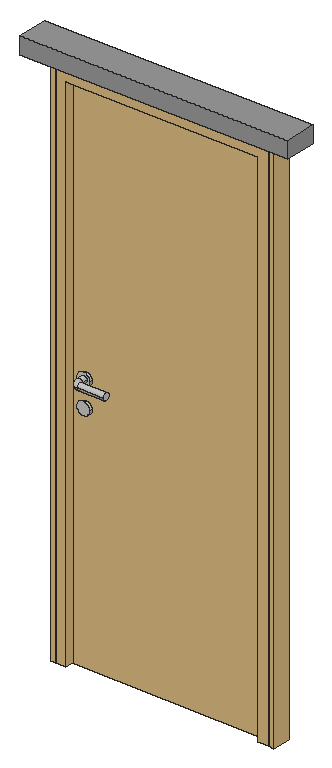
Revit family "BRU_Дверь_Однопольная_Деревянная_Межкомнатная", category Двери, Revit 2021
Family settings
  Основа = Стена
  Номер OmniClass = 23.30.10.00
  Заголовок OmniClass = Doors
  Всегда вертикально = Да
  При загрузке вырезать с полостями = Нет
  Общий = Нет
  Точка принадлежности помещению = Нет
Parameters (values of type "860х2080h Л")
  Функция = Наружные слои
  Угол плане 30 [instance] = yes
  Тип полотна двери = АС-Полотно : Глухое
  Тип перемычки [instance] = Перемычка_жб : ЯПР
  Ручка двери = ADSK_Металл_Сталь нержавеющая
  Рама двери_Ширина справа = 50 mm
  Рама двери_Ширина слева = 50 mm
  Рама двери_Ширина внизу = 50 mm
  Рама двери_Ширина вверху = 50 mm
  Рама двери = ADSK_Древесина_Брус
  Полотно_Ширина = Rough Width - Коробка_Ширина * 2  # 760 mm
  Полотно_Высота = Rough Height - Коробка_Ширина  # 2030 mm
  Перемычка [instance] = no
  Откосы_Ширина [instance] = 30 mm
  ОтделкаЧерновая_Углы [instance] = Width + Height * 2  # 5020 mm
  ОтделкаЧерновая_Площадь [instance] = ADSK_Толщина стены * (Width + Height * 2)  # 0.502 m²
  Определить тепловые свойства по = Тип схем
  ADSK_Толщина стены [instance] = 100 mm
  ADSK_Обозначение = "ГОСТ 6629-88"  # constant formula
  Наличник двери = ADSK_Древесина_Брус
  Аналитическая конструкция = "<Нет>"
  ADSK_Этаж [instance] = ""
  ADSK_Примечание [instance] = ""
  ADSK_Позиция [instance] = ""
  ADSK_Наименование = "ДГ 21-9 Л"
  Монтажный зазор_Сверху толщина [instance] = 20 mm
  Коробка_Ширина = 30 mm
  Коробка_Толщина = 70 mm
  Правая = no
  Полотно двери = ADSK_Древесина_Брус
  Остекление двери = none
  Наличник_Ширина [instance] = 60 mm
  Наличник_Толщина [instance] = 10 mm
  Наличник снаружи [instance] = no
  Наличник внутри [instance] = no
  Монтажный зазор_Сбоку толщина [instance] = 20 mm
  Вставка_Глубина [instance] = 0 mm
  Левая = not(Правая)  # yes
  Инструкция по семейству [instance] = ""
  Огибание наружных слоев [instance] = 0 mm
  Width [instance] = Rough Width + Монтажный зазор_Сбоку толщина * 2  # 860 mm
  Thickness = 40 mm
  Rough Width = 820 mm
  Rough Height = 2060 mm
  Группа модели = "Дверь глухая без порога"
  Manufacturer = ""
  Wall Closure = (empty or 0)
  Height [instance] = Rough Height + Монтажный зазор_Сверху толщина  # 2080 mm
  Описание = "Дверь деревянная внутренняя глухая"
  Тип конструкций = "Дверь деревянная"
  ADSK_Предел огнестойкости = "-"
  ADSK_Открывание = if(Правая, "Правая", "Левая")  # "Левая"
  ADSK_Наименование краткое = ""
  ADSK_Масса_Текст = ""
  ADSK_Количество [instance] = 0
  ADSK_Код изделия = ""
  ADSK_Зона [instance] = ""
  ADSK_Завод-изготовитель = ""
  ADSK_Единица измерения = ""
  ADSK_Группирование [instance] = ""
  ADSK_URL страницы изделия = ""
  ADSK_URL документации изделия = ""
Types (6, lengths in mm): name | Полотно_Ширина | Полотно_Высота | ОтделкаЧерновая_Углы | ОтделкаЧерновая_Площадь | ADSK_Наименование | Правая | Левая | Width | Rough Width | Rough Height | Height | ADSK_Открывание
  860х2080h Л | 760 | 2030 | 5020 | 0.502 m² | "ДГ 21-9 Л" | no | yes | 860 | 820 | 2060 | 2080 | "Левая"
  860х2080h | 800 | 2050 | 5100 | 0.51 m² | "ДГ 21-9" | yes | no | 900 | 860 | 2080 | 2100 | "Правая"
  760х2080h | 700 | 2050 | 5000 | 0.50 m² | "ДГ 21-8" | no | yes | 800 | 760 | 2080 | 2100 | "Левая"
  860х2080h П | 800 | 2050 | 5100 | 0.51 m² | "ДГ 21-9 Л" | yes | no | 900 | 860 | 2080 | 2100 | "Правая"
  760х2080h П | 700 | 2050 | 5000 | 0.50 m² | "ДГ 21-8 Л" | yes | no | 800 | 760 | 2080 | 2100 | "Правая"
  760х2400h Л | 700 | 2370 | 5640 | 0.564 m² | "ДГ 21-8 Л" | no | yes | 800 | 760 | 2400 | 2420 | "Левая"
Reference planes
  plane 1: y = 0
  plane 2 "По центру (Влево/Вправо)": x = 0
  plane 3 "Слева": x = -430
  plane 4 "Справа": x = 430
  plane 5: z = 2080
  plane 6 "Наружный": y = 50
  plane 7 "Внутренние": y = -50
  plane 8 "Вставка двери": y = 50
  plane 9 "Четверть сверху": z = 1930
  plane 10 "Полотно двери": y = 10
  plane 11 "Рама внутри": y = -20
  plane 12 "Монтажный зазор слева": x = -410
  plane 13 "Монтажный зазор справа": x = 410
  plane 14 "Монтажный зазор сверху": z = 2060
  plane 15 "Глубина огибания наружного слоя": y = 50
  plane 16: y = 60
  plane 17: y = -60
  plane 18: x = -380
  plane 19: x = 380
  plane 20: z = 1015
  plane 21 "Верх полотна": z = 2030
Forms (mm)
  Sweep 1, solid, material "ADSK_Древесина_Брус" <- "Наличник двери", visible <- "Наличник снаружи", detail levels fine
    path origin (0, 50, 0) x (1, 0, 0) y (0, 0, 1)
      loop
        line (-430, 0) -> (-430, 2080) -> (430, 2080) -> (430, 0)
    profile origin (-430, 50, 1040) x (-1, 0, 0) y (0, -1, 0)
      loop
        line (-20, 0) -> (-20, -5)
        arc (-20, -5) -> (-18.536, -8.536) -> (-15, -10) r 5
        line (-15, -10) -> (35, -10)
        arc (35, -10) -> (38.536, -8.536) -> (40, -5) r 5
        line (40, -5) -> (40, 0) -> (-20, 0)
  Sweep 2, solid, material "ADSK_Древесина_Брус" <- "Наличник двери", visible <- "Наличник внутри", detail levels fine
    path origin (0, -50, 0) x (1, 0, 0) y (0, 0, 1)
      loop
        line (-430, 0) -> (-430, 2080) -> (430, 2080) -> (430, 0)
    profile origin (-430, -50, 1040) x (-1, 0, 0) y (0, -1, 0)
      loop
        line (-20, 0) -> (40, 0) -> (40, 5)
        arc (40, 5) -> (38.536, 8.536) -> (35, 10) r 5
        line (35, 10) -> (-15, 10)
        arc (-15, 10) -> (-18.536, 8.536) -> (-20, 5) r 5
        line (-20, 5) -> (-20, 0)
  Sweep 3, solid, material "ADSK_Древесина_Брус" <- "Рама двери", detail levels medium+fine
    path origin (0, 50, 0) x (-1, 0, 0) y (0, 0, 1)
      loop
        line (410, 0) -> (410, 2060) -> (-410, 2060) -> (-410, 0)
    profile origin (410, 50, 1030) x (0, 1, 0) y (-1, 0, 0)
      loop
        line (0, 0) -> (0, 30) -> (-40, 30) -> (-40, 40) -> (-70, 40) -> (-70, 0) -> (0, 0)
  Sweep 4, solid, material "ADSK_Древесина_Брус" <- "Наличник двери", visible <- "Наличник внутри", detail levels fine
    path origin (0, -20, 0) x (-1, 0, 0) y (0, 0, 1)
      loop
        line (430, 0) -> (430, 2080) -> (-430, 2080) -> (-430, 0)
    profile origin (-430, -20, 1040) x (1, 0, 0) y (0, 1, 0)
      loop
        line (0, -35) -> (20, -35) -> (20, 0) -> (0, 0) -> (0, -35)
  Sweep 5, solid, material "ADSK_Древесина_Брус" <- "Наличник двери", visible <- "Наличник снаружи", detail levels fine
    path origin (0, 50, 0) x (-1, 0, 0) y (0, 0, 1)
      loop
        line (430, 0) -> (430, 2080) -> (-430, 2080) -> (-430, 0)
    profile origin (430, 50, 1040) x (0, 1, 0) y (-1, 0, 0)
      loop
        line (5, 0) -> (5, 20) -> (0, 20) -> (0, 0) -> (5, 0)
  Extrusion 6, solid, material "ADSK_Древесина_Брус" <- "Рама двери", detail levels medium+fine
    sketch origin (-2514.822, 50, 1200) x (-1, 0, 0) y (0, 0, 1)
      loop
        line (-2944.822, 880) -> (-2944.822, -1200) -> (-2924.822, -1200) -> (-2924.822, 860) -> (-2104.822, 860) -> (-2104.822, -1200) -> (-2084.822, -1200) -> (-2084.822, 880) -> (-2944.822, 880)
    from 0 to -70
  Extrusion 7, solid, material "ADSK_Древесина_Брус" <- "Полотно двери", detail levels coarse
    sketch origin (0, 0, 0) x (1, 0, 0) y (0, 1, 0)
      loop
        line (-430, 50) -> (-430, -20) -> (430, -20) -> (430, 50) -> (-430, 50)
    from 0 to 2080
Cuts and joins
  joined: Sweep 2, Sweep 4
  joined: Sweep 1, Sweep 5
Lines and regions (mm)
  Masking region 1, detail levels fine
    outline origin (0, 0, 0) x (0, 1, 0) y (0, 0, 1)
      loop
        line (-20, 2020) -> (10, 2020) -> (10, 2030) -> (50, 2030) -> (50, 2060) -> (-20, 2060) -> (-20, 2020)
  Masking region 2, detail levels fine
    outline origin (0, 0, 0) x (0, 1, 0) y (0, 0, 1)
      loop
        line (50, 2060) -> (50, 2080) -> (-20, 2080) -> (-20, 2060) -> (50, 2060)
  Masking region 3, detail levels fine
    outline origin (0, 0, 0) x (0, 1, 0) y (0, 0, 1)
      loop
        line (50, 0) -> (50, 2030) -> (10, 2030) -> (10, 0) -> (50, 0)
  Masking region 4, detail levels fine
    outline origin (0, 0, 0) x (0, 1, 0) y (0, 0, 1)
      loop
        line (-20, 2020) -> (-20, 0) -> (10, 0) -> (10, 2020) -> (-20, 2020)
  Masking region 5, detail levels coarse+medium
    outline origin (0, 0, 0) x (0, 1, 0) y (0, 0, 1)
      loop
        line (50, 0) -> (50, 2080) -> (-20, 2080) -> (-20, 0) -> (50, 0)
  Opening 1
    outline origin (-5000, -50, 0) x (1, 0, 0) y (0, 0, 1)
      loop
        line (5430, 2080) -> (4570, 2080) -> (4570, 0) -> (5430, 0) -> (5430, 2080)
  symbolic lines, style "Открывание", visible <- "Правая", detail levels medium
    curve 1: line (-380, 50, 0) -> (380, 50, 1015)
    curve 2: line (380, 50, 1015) -> (-380, 50, 2030)
  symbolic lines, style "Открывание", visible <- "Левая", detail levels medium
    curve 3: line (380, 50, 0) -> (-380, 50, 1015)
    curve 4: line (-380, 50, 1015) -> (380, 50, 2030)
Text (mm)
  text "Наружный" at (-2295.016, 1099.543, 0), in view "Опорный уровень "
  text "Наружный" at (0, 1615.38, 3698.081), in view "Слева"
  text "Наружный" at (0, 1036.032, 3874.932), in view "Справа"
Dimensions and locks
  equal spacing: plane 12 "Монтажный зазор слева", plane 2 "По центру (Влево/Вправо)", plane 13 "Монтажный зазор справа"
  "Width": plane 3 "Слева" to plane 4 "Справа"
  "Rough Height": host wall to plane 14 "Монтажный зазор сверху"
  "Height": host wall to plane 5
  locked: plane 6 "Наружный" to host wall
  locked: plane 7 "Внутренние" to host wall
  plane 9 "Четверть сверху" to plane 5 = 150 mm
  "Вставка_Глубина": plane 6 "Наружный" to plane 8 "Вставка двери"
  "Коробка_Толщина": plane 8 "Вставка двери" to plane 11 "Рама внутри"
  "Thickness": plane 8 "Вставка двери" to plane 10 "Полотно двери"
  "Огибание наружных слоев": plane 6 "Наружный" to plane 15 "Глубина огибания наружного слоя"
  "Наличник_Ширина": Sweep 2 sketch curve to Sweep 2 sketch curve
  locked: Sweep 2 sketch curve to Sweep 2 sketch curve at 5  (x4)
  locked: Sweep 1 sketch curve to Sweep 1 sketch curve at 5
  "Коробка_Ширина": Sweep 3 sketch curve to profile plane
  locked: Sweep 3 sketch curve to Sweep 3 sketch curve at 10
  locked: Sweep 4 sketch curve to plane 17 at 5
  "Наличник_Толщина": plane 7 "Внутренние" to plane 17
  "Наличник_Толщина": plane 16 to plane 6 "Наружный"
  locked: plane 16 to Sweep 1 sketch curve at 5  (x2)
  locked: plane 16 to Sweep 5 sketch curve at 5
  "Откосы_Ширина": plane 7 "Внутренние" to plane 11 "Рама внутри"
  equal spacing: plane 3 "Слева", plane 2 "По центру (Влево/Вправо)", plane 4 "Справа"
  "Rough Width": plane 12 "Монтажный зазор слева" to plane 13 "Монтажный зазор справа"
  "Коробка_Ширина": plane 12 "Монтажный зазор слева" to plane 18
  "Коробка_Ширина": plane 19 to plane 13 "Монтажный зазор справа"
  equal spacing: level, plane 20, plane 21 "Верх полотна"
  "Коробка_Ширина": plane 21 "Верх полотна" to plane 14 "Монтажный зазор сверху"
  "Наличник_Ширина": Sweep 1 sketch curve to plane 12 "Монтажный зазор слева"
  locked: Sweep 1 sketch curve to plane 12 "Монтажный зазор слева" at 5
  "ADSK_Толщина стены": host wall to host wall
  aligned and locked: plane 1 to host wall
  aligned and locked: Sweep 2 sketch curve to plane 3 "Слева"
  aligned and locked: Sweep 2 sketch curve to plane 5
  aligned and locked: Sweep 2 sketch curve to plane 4 "Справа"
  aligned and locked: level to Sweep 2 sketch curve  (x2)
  aligned and locked: Sweep 2 sketch curve to plane 7 "Внутренние"
  aligned and locked: Sweep 3 sketch curve to plane 13 "Монтажный зазор справа"
  aligned and locked: Sweep 3 sketch curve to plane 14 "Монтажный зазор сверху"
  aligned and locked: Sweep 3 sketch curve to plane 12 "Монтажный зазор слева"
  aligned and locked: level to Sweep 3 sketch curve  (x2)
  aligned and locked: profile plane to Sweep 3 sketch curve
  aligned and locked: plane 11 "Рама внутри" to Sweep 3 sketch curve
  aligned and locked: plane 8 "Вставка двери" to Sweep 3 sketch curve
  aligned and locked: plane 10 "Полотно двери" to Sweep 3 sketch curve
  aligned and locked: Sweep 2 sketch curve to plane 12 "Монтажный зазор слева"
  aligned and locked: plane 3 "Слева" to Sweep 4 sketch curve
  aligned and locked: plane 5 to Sweep 4 sketch curve
  aligned and locked: plane 4 "Справа" to Sweep 4 sketch curve
  aligned and locked: level to Sweep 4 sketch curve  (x2)
  aligned and locked: Sweep 4 sketch curve to plane 3 "Слева"
  aligned and locked: Sweep 4 sketch curve to plane 12 "Монтажный зазор слева"
  aligned and locked: Sweep 4 sketch curve to plane 11 "Рама внутри"
  aligned and locked: profile plane to Sweep 1 sketch curve
  aligned and locked: level to Sweep 5 sketch curve  (x2)
  aligned and locked: plane 8 "Вставка двери" to Sweep 5 sketch curve
  aligned and locked: plane 17 to Sweep 2 sketch curve
  aligned and locked: plane 16 to Sweep 1 sketch curve
  aligned and locked: Masking region 1 sketch curve to Sweep 3  (x2)
  aligned and locked: plane 10 "Полотно двери" to Masking region 1 sketch curve
  aligned and locked: plane 11 "Рама внутри" to Masking region 1 sketch curve
  aligned and locked: plane 8 "Вставка двери" to Masking region 1 sketch curve
  aligned and locked: plane 14 "Монтажный зазор сверху" to Masking region 1 sketch curve
  aligned and locked: plane 8 "Вставка двери" to Masking region 2 sketch curve
  aligned and locked: plane 11 "Рама внутри" to Masking region 2 sketch curve
  aligned and locked: plane 14 "Монтажный зазор сверху" to Masking region 2 sketch curve
  aligned and locked: plane 5 to Masking region 2 sketch curve
  aligned and locked: plane 8 "Вставка двери" to Masking region 3 sketch curve
  aligned and locked: plane 10 "Полотно двери" to Masking region 3 sketch curve
  aligned and locked: level to Masking region 3 sketch curve
  aligned and locked: Masking region 3 sketch curve to Sweep 3
  aligned and locked: Masking region 4 sketch curve to Sweep 3
  aligned and locked: plane 11 "Рама внутри" to Masking region 4 sketch curve
  aligned and locked: plane 10 "Полотно двери" to Masking region 4 sketch curve
  aligned and locked: level to Masking region 4 sketch curve
  aligned and locked: plane 8 "Вставка двери" to Masking region 5 sketch curve
  aligned and locked: plane 11 "Рама внутри" to Masking region 5 sketch curve
  aligned and locked: plane 5 to Masking region 5 sketch curve
  aligned and locked: level to Masking region 5 sketch curve
  aligned and locked: Extrusion 6 sketch curve to plane 4 "Справа"
  aligned and locked: Extrusion 6 sketch curve to plane 3 "Слева"
  aligned and locked: Extrusion 6 sketch curve to plane 5
  aligned and locked: Extrusion 6 sketch curve to plane 14 "Монтажный зазор сверху"
  aligned and locked: Extrusion 6 sketch curve to plane 12 "Монтажный зазор слева"
  aligned and locked: Extrusion 6 sketch curve to plane 13 "Монтажный зазор справа"
  aligned and locked: Extrusion 6 sketch curve to level
  aligned and locked: Extrusion 6 to plane 11 "Рама внутри"
  aligned and locked: plane 8 "Вставка двери" to Extrusion 6
  aligned and locked: nested 1 to plane 8 "Вставка двери"
  aligned and locked: nested 1 to plane 3 "Слева"
  aligned and locked: nested 1 to plane 4 "Справа"
  aligned and locked: nested 2 to plane 4 "Справа"
  aligned and locked: nested 2 to plane 3 "Слева"
  aligned and locked: plane 8 "Вставка двери" to nested 2
  aligned and locked: nested 3 to plane 8 "Вставка двери"
  aligned and locked: nested 3 to plane 18
  aligned and locked: nested 3 to plane 19
  aligned and locked: nested 4 to plane 8 "Вставка двери"
  aligned and locked: nested 4 to plane 18
  aligned and locked: plane 8 "Вставка двери" to nested 5
  aligned and locked: nested 5 to plane 19
  aligned and locked: Extrusion 7 sketch curve to plane 8 "Вставка двери"
  aligned and locked: Extrusion 7 sketch curve to plane 11 "Рама внутри"
  aligned and locked: Extrusion 7 sketch curve to plane 4 "Справа"
  aligned and locked: Extrusion 7 sketch curve to plane 3 "Слева"
  aligned and locked: Extrusion 7 to level
  aligned and locked: Extrusion 7 to plane 5
  aligned and locked: curve 3 to Sweep 3
  aligned and locked: Sweep 3 to curve 1
  aligned and locked: plane 21 "Верх полотна" to curve 2
  aligned and locked: plane 21 "Верх полотна" to curve 4
  aligned and locked: plane 20 to curve 2
  aligned and locked: plane 20 to curve 4
  aligned and locked: level to curve 1
  aligned and locked: level to curve 3
  aligned and locked: plane 18 to curve 2
  aligned and locked: plane 19 to curve 4
  aligned and locked: plane 19 to curve 2
  aligned and locked: plane 18 to curve 4
  aligned and locked: plane 3 "Слева" to Sweep 1 sketch curve
  aligned and locked: plane 4 "Справа" to Sweep 1 sketch curve
  aligned and locked: plane 5 to Sweep 1 sketch curve
  aligned and locked: Sweep 1 sketch curve to plane 12 "Монтажный зазор слева"
  aligned and locked: Sweep 5 sketch curve to plane 3 "Слева"
  aligned and locked: Sweep 5 sketch curve to plane 4 "Справа"
  aligned and locked: plane 5 to Sweep 5 sketch curve
  aligned and locked: plane 4 "Справа" to Sweep 5 sketch curve
  aligned and locked: Sweep 5 sketch curve to plane 13 "Монтажный зазор справа"
  aligned and locked: plane 4 "Справа" to Opening 1 sketch curve
  aligned and locked: plane 3 "Слева" to Opening 1 sketch curve
  aligned and locked: plane 5 to Opening 1 sketch curve
  aligned and locked: level to Opening 1 sketch curve
  aligned and locked: plane 2 "По центру (Влево/Вправо)" to nested 6
  aligned and locked: plane 1 to nested 6
  aligned and locked: nested 6 to plane 1
Automatic sketch dimensions
  Sweep 1 sketch curve to level = 0 mm  (x2)
  Extrusion 6 sketch curve to level = 0 mm
Nested families
  nested 1: "АС-Однопольная-Обозначение на плане" at (0, 50, 0), Height <- "Height", Rough Width <- "Rough Width", Thickness <- "Thickness", Коробка.Толщина <- "Коробка_Толщина", Полотно.Ширина <- "Полотно_Ширина", visible <- "Левая", Width <- "Width", type "АС-Стандарт", detail levels medium+fine
    with Полотно.Ширина 760 mm, Коробка.Толщина 70 mm, Width 860 mm, Thickness 40 mm, Rough Width 820 mm, Height 2080 mm
  nested 2: "АС-Однопольная-Обозначение на плане" at (0, 50, 0) x (-1, 0, 0) z (0, 0, 1), Height <- "Height", Rough Width <- "Rough Width", Thickness <- "Thickness", Коробка.Толщина <- "Коробка_Толщина", Полотно.Ширина <- "Полотно_Ширина", visible <- "Правая", Width <- "Width", type "АС-Стандарт", detail levels medium+fine
    with Полотно.Ширина 760 mm, Коробка.Толщина 70 mm, Width 860 mm, Thickness 40 mm, Rough Width 820 mm, Height 2080 mm
  nested 3: "АС-Полотно" at (0, 50, 0), Рама.Ширина справа <- "Рама двери_Ширина справа", Рама.Ширина слева <- "Рама двери_Ширина слева", Рама.Ширина внизу <- "Рама двери_Ширина внизу", Рама.Ширина вверху <- "Рама двери_Ширина вверху", Полотно двери.Толщина <- "Thickness", Полотно двери.Высота <- "Полотно_Высота", Полотно двери.Ширина <- "Полотно_Ширина", type <- "Тип полотна двери", Фурнитура <- "Ручка двери", Полотно двери <- "Полотно двери", Остекление двери <- "Остекление двери", type "Глухое"
    with Фурнитура ADSK_Металл_Сталь нержавеющая, Рама.Ширина справа 50 mm, Рама.Ширина слева 50 mm, Рама.Ширина внизу 50 mm, Рама.Ширина вверху 50 mm, Полотно двери.Ширина 760 mm, Полотно двери.Толщина 40 mm, Полотно двери.Высота 2030 mm, Полотно двери ADSK_Древесина_Брус, Остекление двери none
  nested 4: "АС-Ручка двери" at (-380, 50, 0), Полотно двери.Толщина <- "Thickness", visible <- "Левая", Ручка двери <- "Ручка двери", type "АС-Стандарт"
    with Ручка двери ADSK_Металл_Сталь нержавеющая, Полотно двери.Толщина 40 mm, Отступ ручки от края 60 mm
  nested 5: "АС-Ручка двери" at (380, 50, 0) x (-1, 0, 0) z (0, 0, 1), Полотно двери.Толщина <- "Thickness", visible <- "Правая", Ручка двери <- "Ручка двери", type "АС-Стандарт"
    with Ручка двери ADSK_Металл_Сталь нержавеющая, Полотно двери.Толщина 40 mm, Отступ ручки от края 60 mm
  nested 6: "Перемычка_жб" at (0, 0, 2080), built-in parameter 1001364 <- "Height", Высота <- "Height", Толщина стены <- "Коробка_Толщина", type <- "Тип перемычки", visible <- "Перемычка", type "ЯПР"
    with Эл2_Р_Четв 0 mm, Эл1_Р_Четв 0 mm, Четверть 0 mm, Толщина стены 70 mm, Р_Отступ 0 mm, Высота 2080 mm, Эл2_Вид no, Эл1_Четверть no, Р_Отст1 1 mm, Р_Кол 1, Отступ 0 mm, Количество элементов 1
  nested 7: "Ж.б_перемычка" at (0, 0, 2080), type "1ПБ 10-1"
    with Повернуть yes, Материал несущих конструкций Перемычка_бетон
Definition of nested family "АС-Полотно"
  Parameters
    Фурнитура [instance] = none
    Рама.Ширина справа [instance] = 50 mm
    Рама.Ширина слева [instance] = 50 mm
    Рама.Ширина внизу [instance] = 50 mm
    Рама.Ширина вверху [instance] = 50 mm
    Остекленное = not(Глухое)  # no
    Полотно двери.Ширина [instance] = 1000 mm
    Полотно двери.Толщина [instance] = 40 mm
    Полотно двери.Высота [instance] = 2100 mm
    Полотно двери [instance] = none
    Глухое = yes
    Остекление двери [instance] = none
    Default Elevation = 0 mm
  Reference planes
    plane 1 "Center (Front/Back)": y = 0
    plane 2: z = 0
    plane 3 "Center (Left/Right)": x = 0
    plane 4: x = -500
    plane 5: x = 500
    plane 6 "Back": y = -40
    plane 7: z = 2100
    plane 8 "Остекление снаружи": y = -8
    plane 9 "Остекление внутри": y = -32
    plane 10 "Ширина рамы справа": x = -450
    plane 11 "Ширина рамы слева": x = 450
    plane 12 "Ширина рамы внизу": z = 50
    plane 13 "Ширина рамы вверху": z = 2050
  Forms (mm)
    Extrusion 1, solid, material <- "Полотно двери", visible <- "Глухое", detail levels medium+fine
      sketch origin (0, 0, 0) x (1, 0, 0) y (0, 0, 1)
        loop
          line (-500, 2100) -> (-500, 0) -> (500, 0) -> (500, 2100) -> (-500, 2100)
      from 0 to 40 <- "Полотно двери.Толщина"
    Extrusion 2, solid, material <- "Полотно двери", visible <- "Остекленное", detail levels medium+fine
      sketch origin (0, 0, 0) x (1, 0, 0) y (0, 0, 1)
        loop
          line (-500, 2100) -> (-500, 0) -> (500, 0) -> (500, 2100) -> (-500, 2100)
        loop
          line (-450, 50) -> (450, 50) -> (450, 2050) -> (-450, 2050) -> (-450, 50)
      from 0 to 40
    Extrusion 3, solid, material <- "Остекление двери", visible <- "Остекленное", detail levels medium+fine
      sketch origin (-646.608, -8, 1200) x (-1, 0, 0) y (0, 0, 1)
        loop
          line (-196.608, 850) -> (-1096.608, 850) -> (-1096.608, -1150) -> (-196.608, -1150) -> (-196.608, 850)
      from 0 to -24
  Dimensions and locks
    "Полотно двери.Толщина": plane 1 "Center (Front/Back)" to plane 6 "Back"
    equal spacing: plane 4, plane 3 "Center (Left/Right)", plane 5
    "Полотно двери.Ширина": plane 4 to plane 5
    "Полотно двери.Высота": plane 7 to plane 2
    locked: plane 9 "Остекление внутри" to plane 6 "Back" at 8
    locked: plane 1 "Center (Front/Back)" to plane 8 "Остекление снаружи" at 8
    "Рама.Ширина вверху": plane 7 to plane 13 "Ширина рамы вверху"
    "Рама.Ширина внизу": plane 12 "Ширина рамы внизу" to plane 2
    "Рама.Ширина справа": plane 5 to plane 11 "Ширина рамы слева"
    "Рама.Ширина слева": plane 10 "Ширина рамы справа" to plane 4
    plane 7 to plane 2 = 2100 mm
    aligned and locked: level to plane 2
    aligned and locked: Extrusion 1 sketch curve to plane 7
    aligned and locked: plane 4 to Extrusion 1 sketch curve
    aligned and locked: plane 2 to Extrusion 1 sketch curve
    aligned and locked: Extrusion 1 sketch curve to plane 5
    aligned and locked: Extrusion 1 to plane 1 "Center (Front/Back)"
    aligned and locked: Extrusion 1 to plane 6 "Back"
    aligned and locked: Extrusion 2 sketch curve to plane 4
    aligned and locked: Extrusion 2 sketch curve to plane 5
    aligned and locked: Extrusion 2 sketch curve to plane 7
    aligned and locked: Extrusion 2 sketch curve to plane 2
    aligned and locked: Extrusion 2 sketch curve to plane 12 "Ширина рамы внизу"
    aligned and locked: Extrusion 2 sketch curve to plane 10 "Ширина рамы справа"
    aligned and locked: Extrusion 2 sketch curve to plane 11 "Ширина рамы слева"
    aligned and locked: Extrusion 2 sketch curve to plane 13 "Ширина рамы вверху"
    aligned and locked: Extrusion 2 to plane 1 "Center (Front/Back)"
    aligned and locked: Extrusion 2 to plane 6 "Back"
    aligned and locked: plane 10 "Ширина рамы справа" to Extrusion 3 sketch curve
    aligned and locked: plane 11 "Ширина рамы слева" to Extrusion 3 sketch curve
    aligned and locked: plane 13 "Ширина рамы вверху" to Extrusion 3 sketch curve
    aligned and locked: plane 12 "Ширина рамы внизу" to Extrusion 3 sketch curve
    aligned and locked: Extrusion 3 to plane 8 "Остекление снаружи"
    aligned and locked: Extrusion 3 to plane 9 "Остекление внутри"
    aligned and locked: plane 7 to Extrusion 2
    aligned and locked: plane 4 to Extrusion 2
Definition of nested family "АС-Ручка двери"
  Parameters
    Ручка двери [instance] = none
    Полотно двери.Толщина [instance] = 40 mm
    Отступ ручки от края = 100 mm
    Высота расположения ручки = 1000 mm
    Default Elevation = 0 mm
  Reference planes
    plane 1 "Наружная сторона полотна": y = 0
    plane 2: z = 0
    plane 3 "Край полотна": x = 0
    plane 4 "Вертикаль расположения": x = 100
    plane 5 "Горизонталь расположения": z = 1000
    plane 6 "Внутренняя сторона полотна": y = -40
  Forms (mm)
    Sweep 1, solid, material <- "Ручка двери", detail levels fine
      path origin (0, 0, 1000) x (1, 0, 0) y (0, 1, 0)
        loop
          line (220, 50) -> (120, 50)
          arc (120, 50) -> (105.858, 44.142) -> (100, 30) r 20
          line (100, 30) -> (100, -70)
          arc (100, -70) -> (105.858, -84.142) -> (120, -90) r 20
          line (120, -90) -> (220, -90)
      profile origin (100, -20, 1000) x (1, 0, 0) y (0, 0, 1)
        loop
          circle (0, 0) r 12
    Extrusion 2, solid, material <- "Ручка двери", detail levels fine
      sketch origin (155, 0, 0) x (1, 0, 0) y (0, 0, 1)
        loop
          circle (-55, 1000) r 25
      from 48 to -8
    Extrusion 3, solid, material <- "Ручка двери", detail levels fine
      sketch origin (0, 0, 0) x (1, 0, 0) y (0, 0, 1)
        loop
          circle (100, 900) r 25
      from 48 to -8
  Cuts and joins
    joined: Sweep 1, Extrusion 2
  Dimensions and locks
    "Отступ ручки от края": plane 3 "Край полотна" to plane 4 "Вертикаль расположения"
    "Высота расположения ручки": plane 5 "Горизонталь расположения" to level
    "Полотно двери.Толщина": plane 1 "Наружная сторона полотна" to plane 6 "Внутренняя сторона полотна"
    locked: plane 1 "Наружная сторона полотна" to Extrusion 3 at 8
    locked: plane 1 "Наружная сторона полотна" to Extrusion 2 at 8
    locked: plane 6 "Внутренняя сторона полотна" to Extrusion 3 at 8
    locked: plane 6 "Внутренняя сторона полотна" to Extrusion 2 at 8
    locked: plane 4 "Вертикаль расположения" to Extrusion 2 sketch curve at 0
    locked: plane 5 "Горизонталь расположения" to Extrusion 2 sketch curve at 0
    locked: Extrusion 3 sketch curve to plane 5 "Горизонталь расположения" at 100
    locked: Extrusion 3 sketch curve to plane 4 "Вертикаль расположения"
    locked: plane 1 "Наружная сторона полотна" to Sweep 1 sketch curve at 50
    locked: plane 6 "Внутренняя сторона полотна" to Sweep 1 sketch curve at 50
    locked: plane 4 "Вертикаль расположения" to Sweep 1 sketch curve at 120  (x2)
    locked: Sweep 1 sketch curve to plane 5 "Горизонталь расположения"
    locked: plane 4 "Вертикаль расположения" to Sweep 1 sketch curve at 0
    aligned and locked: Sweep 1 sketch curve to plane 4 "Вертикаль расположения"
  Automatic sketch dimensions
    plane 4 "Вертикаль расположения" to Sweep 1 sketch curve = 20 mm  (x2)
    radius of Sweep 1 sketch curve = 12 mm
    radius of Extrusion 2 sketch curve = 25 mm
    radius of Extrusion 3 sketch curve = 25 mm
Definition of nested family "Ж.б_перемычка"
  Parameters (values of type "1ПБ 10-1")
    Ширина = 120 mm
    Расч_ширина = 1000 mm  # constant formula
    Расч_масса = Ном_масса  # 20.00 kg/m³
    Расч_количество = 1  # constant formula
    Расч_длина = 1000 mm  # constant formula
    Расч_высота = 1000 mm  # constant formula
    Пусто = " "  # constant formula
    Повернуть [instance] = yes
    Default Elevation = 0 mm
    Description = "1ПБ 10-1-к"
    Обозначение = "ТУ 582826-001-057515509-98"  # constant formula
    Ном_масса = round(Масса перемычки / 1.00 kg/m³) * 1.00 kg/m³  # 20.00 kg/m³
    Материал несущих конструкций [instance] = none
    Масса перемычки = 20.00 kg/m³
    Type Comments = "Выпуск 1"
    Количество = 1  # constant formula
    Код = "58 2821 0553"
    Manufacturer = ""
    Ед. изм. = "шт."  # constant formula
    Длина_L [instance] = 1 mm
    Длина = 1030 mm
    Model = "Перемычки"  # constant formula
    Высота = 65 mm
    X = "x"  # constant formula
    L = " "  # constant formula
  Types (8, lengths in mm): name | Расч_масса | Description | Ном_масса | Масса перемычки | Код | Длина | Высота
    1ПБ 10-1 | 20.00 kg/m³ | "1ПБ 10-1-к" | 20.00 kg/m³ | 20.00 kg/m³ | "58 2821 0553" | 1030 | 65
    2ПБ 13-1 | 42.00 kg/m³ | "2ПБ 13-1к" | 42.00 kg/m³ | 42.00 kg/m³ | "58 2821 0558" | 1290 | 140
    3ПБ 18-37 | 95.00 kg/m³ | "3ПБ 18-37к" | 95.00 kg/m³ | 95.00 kg/m³ | "58 2821 0553" | 1810 | 220
    3ПБ 30-8 | 20.00 kg/m³ | "3ПБ 30-8" | 20.00 kg/m³ | 20.00 kg/m³ | "58 2821 0553" | 2980 | 220
    3ПБ 16-37 | 81.00 kg/m³ | "3ПБ 16-37к" | 81.00 kg/m³ | 81.00 kg/m³ | "58 2821 0553" | 1550 | 220
    3ПБ 13-37 | 20.00 kg/m³ | "3ПБ 13-37-к" | 20.00 kg/m³ | 20.00 kg/m³ | "58 2821 0553" | 1290 | 220
    3ПБ 25-8 | 126.00 kg/m³ | "3ПБ 25-8к" | 126.00 kg/m³ | 126.00 kg/m³ | "58 2821 0553" | 2460 | 220
    2ПБ 22-3 | 71.00 kg/m³ | "2ПБ 22-3к" | 71.00 kg/m³ | 71.00 kg/m³ | "58 2821 0558" | 2200 | 140
  Reference planes
    plane 1 "По центру (Вперед/Назад)": y = 0
    plane 2: z = 0
    plane 3 "По центру (Влево/Вправо)": x = 0
    plane 4: x = -515
    plane 5: x = 515
    plane 6: y = -60
    plane 7: y = 60
    plane 8: z = 65
  Forms (mm)
    Extrusion 1, solid, material <- "Материал несущих конструкций"
      sketch origin (0, 0, 0) x (0, 1, 0) y (0, 0, 1)
        loop
          line (-60, 65) -> (-60, 0) -> (60, 0) -> (60, 65) -> (-60, 65)
      from -515 to 515
  Lines and regions (mm)
    Masking region 1, detail levels medium+fine
      outline origin (0, 0, 0) x (0, 1, 0) y (0, 0, 1)
        loop
          line (-60, 65) -> (-60, 0) -> (60, 0) -> (60, 65) -> (-60, 65)
  Dimensions and locks
    equal spacing: plane 4, plane 3 "По центру (Влево/Вправо)", plane 5
    "Длина": plane 4 to plane 5
    equal spacing: plane 7, plane 1 "По центру (Вперед/Назад)", plane 6
    "Ширина": plane 7 to plane 6
    "Высота": plane 8 to level
    Masking region 1 sketch curve to Masking region 1 sketch curve = 65 mm
    aligned and locked: level to plane 2
    aligned and locked: Extrusion 1 sketch curve to plane 8
    aligned and locked: plane 6 to Extrusion 1 sketch curve
    aligned and locked: level to Extrusion 1 sketch curve
    aligned and locked: Extrusion 1 sketch curve to plane 7
    aligned and locked: Extrusion 1 to plane 4
    aligned and locked: plane 5 to Extrusion 1
    aligned and locked: plane 6 to Masking region 1 sketch curve
    aligned and locked: level to Masking region 1 sketch curve
    aligned and locked: Masking region 1 sketch curve to plane 7
    aligned and locked: plane 8 to Masking region 1
Definition of nested family "АС-Однопольная-Обозначение на плане"
  Parameters (values of type "АС-Стандарт")
    Полотно.Ширина [instance] = 900 mm
    Открывание двери 90 = not(Открывание двери 30)  # no
    Открывание двери 30 = yes
    Define Thermal Properties by = 1
    Линия открывания (дуга) = not(Открывание двери 30)  # no
    Коробка.Толщина [instance] = 80 mm
    Width [instance] = 1000 mm
    Thickness [instance] = 40 mm
    Rough Width [instance] = 960 mm
    Height [instance] = 2100 mm
    Default Elevation = 0 mm
    Analytic Construction = "<Нет>"
  Reference planes
    plane 1 "Center (Front/Back)": y = 0
    plane 2: z = 0
    plane 3 "Center (Left/Right)": x = 0
    plane 4 "Полотно.Слева": x = -480
    plane 5 "Полотно справа": x = 480
    plane 6 "Проем.Слева": x = -500
    plane 7 "Проем.Справа": x = 500
    plane 8 "Полотно. Внутренняя сторона": y = -40
    plane 9 "Коробка. Внутренняя сторона": y = -80
    plane 10 "Коробка.Внутренняя сторона слева": x = -450
    plane 11 "Коробка. Внутренняя сторона справа": x = 450
  Lines and regions (mm)
    Masking region 1, detail levels coarse+fine
      outline origin (0, 0, 0) x (1, 0, 0) y (0, 1, 0)
        loop
          line (-500, -80) -> (-480, -80) -> (-480, 0) -> (-500, 0) -> (-500, -80)
    Masking region 2, detail levels coarse+fine
      outline origin (0, 0, 0) x (1, 0, 0) y (0, 1, 0)
        loop
          line (500, -80) -> (500, 0) -> (480, 0) -> (480, -80) -> (500, -80)
    Masking region 3, detail levels coarse+fine
      outline origin (0, 0, 0) x (1, 0, 0) y (0, 1, 0)
        loop
          line (-480, 0) -> (-480, -80) -> (-440, -80) -> (-440, -40) -> (-450, -40) -> (-450, 0) -> (-480, 0)
    Masking region 4, detail levels coarse+fine
      outline origin (0, 0, 0) x (1, 0, 0) y (0, 1, 0)
        loop
          line (480, 0) -> (450, 0) -> (450, -40) -> (440, -40) -> (440, -80) -> (480, -80) -> (480, 0)
    Masking region 5, visible <- "Открывание двери 90", detail levels fine
      outline origin (0, 0, 0) x (1, 0, 0) y (0, 1, 0)
        loop
          line (450, 0) -> (450, 900) -> (410, 900) -> (410, 0) -> (450, 0)
    Masking region 6, detail levels coarse+fine
      outline origin (0, 0, 0) x (1, 0, 0) y (0, 1, 0)
        loop
          line (450, 0) -> (-329.423, 450) -> (-349.423, 415.359) -> (430, -34.641) -> (450, 0)
    symbolic lines, visible <- "Открывание двери 30", detail levels medium
      curve 1: line (500, 0, 0) -> (-366.025, 500, 0)
    symbolic lines, visible <- "Открывание двери 90", detail levels coarse+medium
      curve 2: line (500, 0, 0) -> (500, 1000, 0)
    symbolic lines, visible <- "Линия открывания (дуга)", detail levels coarse+medium
      curve 3: arc (500, 1000, 0) -> (-207.107, 707.107, 0) -> (-500, 0, 0) r 1000
    symbolic lines, visible <- "Линия открывания (дуга)", detail levels fine
      curve 4: arc (-450, 0, 0) -> (-186.396, 636.396, 0) -> (450, 900, 0) r 900
    model lines, not visible, detail levels fine
      curve 5: line (0, 0, 0) -> (0, 0, 2100)
    symbolic lines, detail levels coarse+fine
      curve 6: arc (-450, 0, 0) -> (-419.339, 232.914, 0) -> (-329.447, 449.958, 0) r 900
  Dimensions and locks
    "Thickness": plane 1 "Center (Front/Back)" to plane 8 "Полотно. Внутренняя сторона"
    equal spacing: plane 4 "Полотно.Слева", plane 3 "Center (Left/Right)", plane 5 "Полотно справа"
    equal spacing: plane 6 "Проем.Слева", plane 3 "Center (Left/Right)", plane 7 "Проем.Справа"
    "Width": plane 6 "Проем.Слева" to plane 7 "Проем.Справа"
    "Rough Width": plane 4 "Полотно.Слева" to plane 5 "Полотно справа"
    plane 1 "Center (Front/Back)" to plane 9 "Коробка. Внутренняя сторона" = 80 mm
    "Коробка.Толщина": plane 9 "Коробка. Внутренняя сторона" to plane 1 "Center (Front/Back)"
    equal spacing: plane 10 "Коробка.Внутренняя сторона слева", plane 3 "Center (Left/Right)", plane 11 "Коробка. Внутренняя сторона справа"
    "Полотно.Ширина": plane 10 "Коробка.Внутренняя сторона слева" to plane 11 "Коробка. Внутренняя сторона справа"
    "Width": curve 1 to curve 1
    "Width": plane 1 "Center (Front/Back)" to curve 2
    locked: plane 10 "Коробка.Внутренняя сторона слева" to Masking region 3 sketch curve at 10
    locked: Masking region 4 sketch curve to Masking region 4 sketch curve at 10
    "Полотно.Ширина": plane 1 "Center (Front/Back)" to Masking region 5 sketch curve
    "Thickness": Masking region 5 sketch curve to plane 11 "Коробка. Внутренняя сторона справа"
    "Полотно.Ширина": Masking region 6 sketch curve to Masking region 6 sketch curve
    "Thickness": Masking region 6 sketch curve to Masking region 6 sketch curve
    "Height": curve 5 to level
    "Width": radius of curve 3
    "Полотно.Ширина": radius of curve 4
    locked: curve 1 to plane 1 "Center (Front/Back)" (angle 30.00°)
    locked: Masking region 6 sketch curve to plane 1 "Center (Front/Back)" (angle 30.00°)
    aligned and locked: level to plane 2
    aligned and locked: plane 7 "Проем.Справа" to curve 2
    aligned and locked: plane 1 "Center (Front/Back)" to curve 2
    aligned and locked: Masking region 1 sketch curve to plane 9 "Коробка. Внутренняя сторона"
    aligned and locked: plane 6 "Проем.Слева" to Masking region 1 sketch curve
    aligned and locked: Masking region 1 sketch curve to plane 1 "Center (Front/Back)"
    aligned and locked: plane 4 "Полотно.Слева" to Masking region 1 sketch curve
    aligned and locked: plane 9 "Коробка. Внутренняя сторона" to Masking region 2 sketch curve
    aligned and locked: Masking region 2 sketch curve to plane 7 "Проем.Справа"
    aligned and locked: plane 1 "Center (Front/Back)" to Masking region 2 sketch curve
    aligned and locked: plane 5 "Полотно справа" to Masking region 2 sketch curve
    aligned and locked: Masking region 3 sketch curve to plane 4 "Полотно.Слева"
    aligned and locked: Masking region 3 sketch curve to plane 10 "Коробка.Внутренняя сторона слева"
    aligned and locked: Masking region 3 sketch curve to plane 1 "Center (Front/Back)"
    aligned and locked: Masking region 3 sketch curve to plane 9 "Коробка. Внутренняя сторона"
    aligned and locked: Masking region 3 sketch curve to plane 8 "Полотно. Внутренняя сторона"
    aligned and locked: Masking region 4 sketch curve to plane 5 "Полотно справа"
    aligned and locked: Masking region 4 sketch curve to plane 11 "Коробка. Внутренняя сторона справа"
    aligned and locked: Masking region 4 sketch curve to plane 9 "Коробка. Внутренняя сторона"
    aligned and locked: Masking region 4 sketch curve to plane 8 "Полотно. Внутренняя сторона"
    aligned and locked: Masking region 4 sketch curve to plane 1 "Center (Front/Back)"
    aligned and locked: curve 4 to Masking region 3
    aligned and locked: plane 11 "Коробка. Внутренняя сторона справа" to curve 4
    aligned and locked: Masking region 4 to Masking region 5 sketch curve
    aligned and locked: Masking region 5 sketch curve to Masking region 4
    aligned and locked: plane 11 "Коробка. Внутренняя сторона справа" to Masking region 6 sketch curve
    aligned and locked: plane 2 to curve 5
    aligned and locked: plane 3 "Center (Left/Right)" to curve 5
  Automatic sketch dimensions
    curve 4 to curve 6 = 0 mm  (x2)
    curve 6 to plane 10 "Коробка.Внутренняя сторона слева" = 0 mm
    curve 1 to curve 6 = 36.579 mm
    plane 1 "Center (Front/Back)" to Masking region 6 sketch curve = 0 mm
Definition of nested family "Перемычка_жб"
  Parameters (values of type "ЯПР")
    Эл6_Тип перемычки = Ж.б_перемычка : 1ПБ 10-1
    Эл6_Вид = and(Тип 1, Р_Кол > 5)  # no
    Эл5_Тип перемычки = Ж.б_перемычка : 1ПБ 10-1
    Эл5_Поворот = yes
    Эл5_Вид = and(Тип 1, Р_Кол > 4)  # no
    Эл4_Тип перемычки = Ж.б_перемычка : 1ПБ 10-1
    Эл4_Поворот = yes
    Эл4_Вид = and(Тип 1, Р_Кол > 3)  # no
    Эл3_Тип перемычки = Ж.б_перемычка : 1ПБ 10-1
    Эл3_Поворот = yes
    Эл3_Вид = and(Тип 1, Р_Кол > 2)  # no
    Эл2_Четверть = no
    Эл2_Тип перемычки = Ж.б_перемычка : 1ПБ 10-1
    Эл2_Р_Четв [instance] = if(Эл2_Четверть, -Четверть, 0 mm)  # 0 mm
    Эл2_Поворот = yes
    Эл2_Вид = and(Тип 1, Р_Кол > 1)  # yes
    Эл1_Четверть = yes
    Эл1_Тип перемычки = Ж.б_перемычка : 1ПБ 10-1
    Эл1_Р_Четв [instance] = if(Эл1_Четверть, -Четверть, 0 mm)  # -20 mm
    Эл1_Поворот = yes
    Эл1_Вид = and(Тип 1)  # yes
    Ширина = 800 mm
    Четверть [instance] = 20 mm
    Толщина стены [instance] = 500 mm
    Тип 2 = not(Тип 1)  # no
    Тип 1 = yes
    Р_Отступ [instance] = round(Отступ / 1 mm) * 1 mm  # 210 mm
    Р_Отст4 = if(Р_Кол > 4, Отступ 4, 1 mm)  # 1 mm
    Р_Отст3 = if(Р_Кол > 3, Отступ 3, 1 mm)  # 1 mm
    Р_Отст2 = if(Р_Кол > 2, Отступ 2, 1 mm)  # 1 mm
    Р_Отст1 = if(Р_Кол > 1, Отступ 1, 1 mm)  # 140 mm
    Р_Кол = if(Количество элементов < 1, 1, if(Количество элементов > 6, 6, Количество элементов))  # 2
    Отступ 5 = 140 mm
    Отступ 4 = 140 mm
    Отступ 3 = 140 mm
    Отступ 2 = 140 mm
    Отступ 1 = 140 mm
    Отступ = 210 mm
    Description = "Наименование"
    Минус отступ = 0 mm
    Type Comments = "Примечание"
    Количество элементов = 2
    Manufacturer = "Изготовитель"
    Длина = 2000 mm
    Model = "Перемычки"  # constant formula
    Высота [instance] = 500 mm
  Reference planes
    plane 1 "По центру (Вперед/Назад)": y = 0
    plane 2: z = 0
    plane 3 "По центру (Влево/Вправо)": x = 0
    plane 4: y = 210
    plane 5: x = -1000
    plane 6: x = 1000
    plane 7 "Низ": z = -500
    plane 8: y = 70
    plane 9: y = 69
    plane 10: y = 68
    plane 11: y = 67
    plane 12: y = 0
    plane 13: y = -73
  Lines and regions (mm)
    model lines
      curve 1: line (-1000, 0, -500) -> (1000, 0, -500)
  Dimensions and locks
    "Р_Отступ": plane 12 to plane 4
    equal spacing: plane 5, plane 3 "По центру (Влево/Вправо)", plane 6
    "Длина": plane 5 to plane 6
    "Высота": level to plane 7 "Низ"
    "Р_Отст1": plane 4 to plane 8
    "Р_Отст2": plane 9 to plane 8
    "Р_Отст3": plane 9 to plane 10
    "Р_Отст4": plane 10 to plane 11
    "Минус отступ": plane 12 to plane 1 "По центру (Вперед/Назад)"
    "Отступ 5": plane 11 to plane 13
    aligned and locked: level to plane 2
    aligned and locked: plane 1 "По центру (Вперед/Назад)" to curve 1
    aligned and locked: plane 6 to curve 1
    aligned and locked: plane 3 "По центру (Влево/Вправо)" to nested 1
    aligned and locked: nested 1 to plane 4
    aligned and locked: plane 3 "По центру (Влево/Вправо)" to nested 2
    aligned and locked: nested 2 to plane 8
    aligned and locked: plane 3 "По центру (Влево/Вправо)" to nested 3
    aligned and locked: nested 3 to plane 9
    aligned and locked: plane 3 "По центру (Влево/Вправо)" to nested 4
    aligned and locked: nested 4 to plane 10
    aligned and locked: plane 3 "По центру (Влево/Вправо)" to nested 5
    aligned and locked: nested 5 to plane 11
    aligned and locked: plane 3 "По центру (Влево/Вправо)" to nested 6
    aligned and locked: nested 6 to plane 13
  Automatic sketch dimensions
    curve 1 to plane 5 = 0 mm
  Nested families
    nested 1: "Ж.б_перемычка" at (0, 210, -20), built-in parameter 1001364 <- "Эл1_Р_Четв", Повернуть <- "Эл1_Поворот", type <- "Эл1_Тип перемычки", visible <- "Эл1_Вид", type "1ПБ 10-1", detail levels medium+fine
      with Повернуть yes, Материал несущих конструкций none
    nested 2: "Ж.б_перемычка" at (0, 70, 0), built-in parameter 1001364 <- "Эл2_Р_Четв", Повернуть <- "Эл2_Поворот", type <- "Эл2_Тип перемычки", visible <- "Эл2_Вид", type "1ПБ 10-1", detail levels medium+fine
      with Повернуть yes, Материал несущих конструкций none
    nested 3: "Ж.б_перемычка" at (0, 69, 0), Повернуть <- "Эл3_Поворот", type <- "Эл3_Тип перемычки", visible <- "Эл3_Вид", type "1ПБ 10-1", detail levels medium+fine
      with Повернуть yes, Материал несущих конструкций none
    nested 4: "Ж.б_перемычка" at (0, 68, 0), Повернуть <- "Эл4_Поворот", type <- "Эл4_Тип перемычки", visible <- "Эл4_Вид", type "1ПБ 10-1", detail levels medium+fine
      with Повернуть yes, Материал несущих конструкций none
    nested 5: "Ж.б_перемычка" at (0, 67, 0), Повернуть <- "Эл5_Поворот", type <- "Эл5_Тип перемычки", visible <- "Эл5_Вид", type "1ПБ 10-1", detail levels medium+fine
      with Повернуть yes, Материал несущих конструкций none
    nested 6: "Ж.б_перемычка" at (0, -73, 0), Повернуть <- "Эл5_Поворот", type <- "Эл6_Тип перемычки", visible <- "Эл6_Вид", type "1ПБ 10-1", detail levels medium+fine
      with Повернуть yes, Материал несущих конструкций none
  Definition of nested family "Ж.б_перемычка"
    Parameters (values of type "1ПБ 10-1")
      Ширина = 120 mm
      Расч_ширина = 1000 mm  # constant formula
      Расч_масса = Ном_масса  # 20.00 kg/m³
      Расч_количество = 1  # constant formula
      Расч_длина = 1000 mm  # constant formula
      Расч_высота = 1000 mm  # constant formula
      Пусто = " "  # constant formula
      Повернуть [instance] = yes
      Default Elevation = 0 mm
      Description = "1ПБ 10-1-к"
      Обозначение = "ТУ 582826-001-057515509-98"  # constant formula
      Ном_масса = round(Масса перемычки / 1.00 kg/m³) * 1.00 kg/m³  # 20.00 kg/m³
      Материал несущих конструкций [instance] = none
      Масса перемычки = 20.00 kg/m³
      Type Comments = "Выпуск 1"
      Количество = 1  # constant formula
      Код = "58 2821 0553"
      Manufacturer = ""
      Ед. изм. = "шт."  # constant formula
      Длина_L [instance] = 1 mm
      Длина = 1030 mm
      Model = "Перемычки"  # constant formula
      Высота = 65 mm
      X = "x"  # constant formula
      L = " "  # constant formula
    Types (8, lengths in mm): name | Расч_масса | Description | Ном_масса | Масса перемычки | Код | Длина | Высота
      1ПБ 10-1 | 20.00 kg/m³ | "1ПБ 10-1-к" | 20.00 kg/m³ | 20.00 kg/m³ | "58 2821 0553" | 1030 | 65
      2ПБ 13-1 | 42.00 kg/m³ | "2ПБ 13-1к" | 42.00 kg/m³ | 42.00 kg/m³ | "58 2821 0558" | 1290 | 140
      3ПБ 18-37 | 95.00 kg/m³ | "3ПБ 18-37к" | 95.00 kg/m³ | 95.00 kg/m³ | "58 2821 0553" | 1810 | 220
      3ПБ 30-8 | 20.00 kg/m³ | "3ПБ 30-8" | 20.00 kg/m³ | 20.00 kg/m³ | "58 2821 0553" | 2980 | 220
      3ПБ 16-37 | 81.00 kg/m³ | "3ПБ 16-37к" | 81.00 kg/m³ | 81.00 kg/m³ | "58 2821 0553" | 1550 | 220
      3ПБ 13-37 | 20.00 kg/m³ | "3ПБ 13-37-к" | 20.00 kg/m³ | 20.00 kg/m³ | "58 2821 0553" | 1290 | 220
      3ПБ 25-8 | 126.00 kg/m³ | "3ПБ 25-8к" | 126.00 kg/m³ | 126.00 kg/m³ | "58 2821 0553" | 2460 | 220
      2ПБ 22-3 | 71.00 kg/m³ | "2ПБ 22-3к" | 71.00 kg/m³ | 71.00 kg/m³ | "58 2821 0558" | 2200 | 140
    Reference planes
      plane 1 "По центру (Вперед/Назад)": y = 0
      plane 2: z = 0
      plane 3 "По центру (Влево/Вправо)": x = 0
      plane 4: x = -515
      plane 5: x = 515
      plane 6: y = -60
      plane 7: y = 60
      plane 8: z = 65
    Forms (mm)
      Extrusion 1, solid, material <- "Материал несущих конструкций"
        sketch origin (0, 0, 0) x (0, 1, 0) y (0, 0, 1)
          loop
            line (-60, 65) -> (-60, 0) -> (60, 0) -> (60, 65) -> (-60, 65)
        from -515 to 515
    Lines and regions (mm)
      Masking region 1, detail levels medium+fine
        outline origin (0, 0, 0) x (0, 1, 0) y (0, 0, 1)
          loop
            line (-60, 65) -> (-60, 0) -> (60, 0) -> (60, 65) -> (-60, 65)
    Dimensions and locks
      equal spacing: plane 4, plane 3 "По центру (Влево/Вправо)", plane 5
      "Длина": plane 4 to plane 5
      equal spacing: plane 7, plane 1 "По центру (Вперед/Назад)", plane 6
      "Ширина": plane 7 to plane 6
      "Высота": plane 8 to level
      Masking region 1 sketch curve to Masking region 1 sketch curve = 65 mm
      aligned and locked: level to plane 2
      aligned and locked: Extrusion 1 sketch curve to plane 8
      aligned and locked: plane 6 to Extrusion 1 sketch curve
      aligned and locked: level to Extrusion 1 sketch curve
      aligned and locked: Extrusion 1 sketch curve to plane 7
      aligned and locked: Extrusion 1 to plane 4
      aligned and locked: plane 5 to Extrusion 1
      aligned and locked: plane 6 to Masking region 1 sketch curve
      aligned and locked: level to Masking region 1 sketch curve
      aligned and locked: Masking region 1 sketch curve to plane 7
      aligned and locked: plane 8 to Masking region 1
